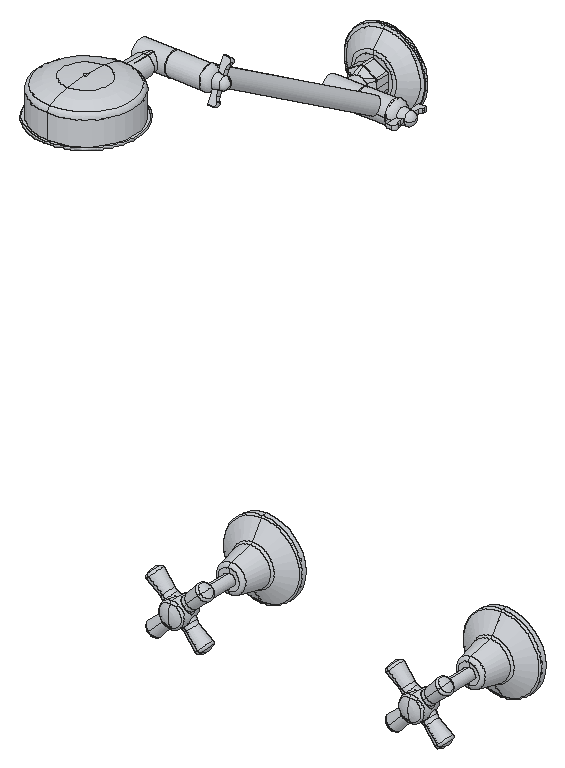
Revit family "Reece_Shower_Base_Shower Set_Anti-Vandal", category Plumbing Fixtures, Revit 2018 (continued)
Definition of nested family "Reece_Shower_Base_Shower Set_Anti-Vandal_Nested"
  Definition of nested family "Reece_Shower_Base_Shower Set_Anti-Vandal_Head_Nested"
    Forms (mm)
      Extrusion 102, solid, material <- "Reece_Material_Secondary", detail levels fine
        sketch origin (5.667, 19.56, 77.553) x (-0.415415, 0, 0.909632) y (-0.909632, 0, -0.415415)
          loop
            circle (-14.835, 27.863) r 1
        from 29.416 to 33.2
      Extrusion 103, solid, material <- "Reece_Material_Secondary", detail levels fine
        sketch origin (6.575, 19.56, 75.793) x (-0.142315, 0, 0.989821) y (-0.989821, 0, -0.142315)
          loop
            circle (-14.835, 27.863) r 1
        from 29.416 to 33.2
      Extrusion 104, solid, material <- "Reece_Material_Secondary", detail levels fine
        sketch origin (6.95, 19.56, 73.848) x (0.142315, 0, 0.989821) y (-0.989821, 0, 0.142315)
          loop
            circle (-14.835, 27.863) r 1
        from 29.416 to 33.2
      Extrusion 105, solid, material <- "Reece_Material_Secondary", detail levels fine
        sketch origin (6.763, 19.56, 71.877) x (0.415415, 0, 0.909632) y (-0.909632, 0, 0.415415)
          loop
            circle (-14.835, 27.863) r 1
        from 29.416 to 32.993
      Extrusion 106, solid, material <- "Reece_Material_Secondary", detail levels fine
        sketch origin (6.027, 19.56, 70.038) x (0.654861, 0, 0.75575) y (-0.75575, 0, 0.654861)
          loop
            circle (-14.835, 27.863) r 1
        from 29.416 to 33.162
      Extrusion 107, solid, material <- "Reece_Material_Secondary", detail levels fine
        sketch origin (4.803, 19.364, 68.48) x (0.841254, 0, 0.540641) y (-0.540641, 0, 0.841254)
          loop
            circle (-14.835, 27.863) r 1
        from 29.416 to 32.993
      Extrusion 108, solid, material <- "Reece_Material_Secondary", detail levels fine
        sketch origin (3.19, 19.364, 67.331) x (0.959493, 0, 0.281733) y (-0.281733, 0, 0.959493)
          loop
            circle (-14.835, 27.863) r 1
        from 29.416 to 32.993
      Extrusion 109, solid, material <- "Reece_Material_Secondary", detail levels fine
        sketch origin (1.319, 19.56, 66.683) x (1, 0, 0) y (0, 0, 1)
          loop
            circle (-14.835, 27.863) r 1
        from 29.416 to 33.2
      Extrusion 110, solid, material <- "Reece_Material_Secondary", detail levels fine
        sketch origin (-0.659, 19.56, 66.588) x (0.959493, 0, -0.281733) y (0.281733, 0, 0.959493)
          loop
            circle (-14.835, 27.863) r 1
        from 29.416 to 33.2
      Extrusion 111, solid, material <- "Reece_Material_Secondary", detail levels fine
        sketch origin (-4.645, 19.56, 78.678) x (-0.587785, 0, -0.809017) y (0.809017, 0, -0.587785)
          loop
            circle (-10.309, -9.388) r 1
        from 29.416 to 33.554
      Extrusion 112, solid, material <- "Reece_Material_Secondary", detail levels fine
        sketch origin (-6.013, 19.56, 76.99) x (-0.309017, 0, -0.951057) y (0.951057, 0, -0.309017)
          loop
            circle (-10.309, -9.388) r 1
        from 29.416 to 33.554
      Extrusion 113, solid, material <- "Reece_Material_Secondary", detail levels fine
        sketch origin (-6.793, 19.56, 74.962) x (0, 0, -1) y (1, 0, 0)
          loop
            circle (-10.309, -9.388) r 1
        from 29.416 to 33.554
      Extrusion 114, solid, material <- "Reece_Material_Secondary", detail levels fine
        sketch origin (-6.907, 19.56, 72.792) x (0.309017, 0, -0.951057) y (0.951057, 0, 0.309017)
          loop
            circle (-10.309, -9.388) r 1
        from 29.416 to 33.554
      Extrusion 115, solid, material <- "Reece_Material_Secondary", detail levels fine
        sketch origin (-6.346, 19.56, 70.693) x (0.587785, 0, -0.809017) y (0.809017, 0, 0.587785)
          loop
            circle (-10.309, -9.388) r 1
        from 29.416 to 33.554
      Extrusion 116, solid, material <- "Reece_Material_Secondary", detail levels fine
        sketch origin (-5.163, 19.56, 68.87) x (0.809017, 0, -0.587785) y (0.587785, 0, 0.809017)
          loop
            circle (-10.309, -9.388) r 1
        from 29.416 to 33.554
      Extrusion 117, solid, material <- "Reece_Material_Secondary", detail levels fine
        sketch origin (-3.475, 19.56, 67.502) x (0.951057, 0, -0.309017) y (0.309017, 0, 0.951057)
          loop
            circle (-10.309, -9.388) r 1
        from 29.416 to 33.554
      Extrusion 118, solid, material <- "Reece_Material_Secondary", detail levels fine
        sketch origin (-1.447, 19.56, 66.722) x (1, 0, 0) y (0, 0, 1)
          loop
            circle (-10.309, -9.388) r 1
        from 29.416 to 33.554
      Extrusion 119, solid, material <- "Reece_Material_Secondary", detail levels fine
        sketch origin (0.723, 19.56, 66.608) x (0.951057, 0, 0.309017) y (-0.309017, 0, 0.951057)
          loop
            circle (-10.309, -9.388) r 1
        from 29.416 to 33.554
      Extrusion 120, solid, material <- "Reece_Material_Secondary", detail levels fine
        sketch origin (6.394, -19.56, 76.016) x (0.62349, 0, -0.781831) y (-0.781831, 0, -0.62349)
          loop
            circle (4.477, 20.073) r 1
        from 4.977 to 9.704
      Extrusion 121, solid, material <- "Reece_Material_Secondary", detail levels fine
        sketch origin (6.846, -19.56, 72.994) x (0.222521, 0, -0.974928) y (-0.974928, 0, -0.222521)
          loop
            circle (4.477, 20.073) r 1
        from 4.977 to 9.704
      Extrusion 122, solid, material <- "Reece_Material_Secondary", detail levels fine
        sketch origin (5.942, -19.56, 70.076) x (-0.222521, 0, -0.974928) y (-0.974928, 0, 0.222521)
          loop
            circle (4.477, 20.073) r 1
        from 4.977 to 9.704
      Extrusion 123, solid, material <- "Reece_Material_Secondary", detail levels fine
        sketch origin (3.861, -19.56, 67.838) x (-0.62349, 0, -0.781831) y (-0.781831, 0, 0.62349)
          loop
            circle (4.477, 20.073) r 1
        from 4.977 to 9.704
      Extrusion 124, solid, material <- "Reece_Material_Secondary", detail levels fine
        sketch origin (1.016, -19.56, 66.725) x (-0.900969, 0, -0.433884) y (-0.433884, 0, 0.900969)
          loop
            circle (4.477, 20.073) r 1
        from 4.977 to 9.704
      Extrusion 125, solid, material <- "Reece_Material_Secondary", detail levels fine
        sketch origin (-1.016, 19.56, 66.725) x (0.900969, 0, -0.433884) y (0.433884, 0, 0.900969)
          loop
            circle (-13.759, 15.911) r 1
        from 29.416 to 34.142
      Extrusion 126, solid, material <- "Reece_Material_Secondary", detail levels fine
        sketch origin (1.655, 19.56, 67.179) x (0.707107, 0, 0.707107) y (-0.707107, 0, 0.707107)
          loop
            circle (10.381, 12.722) r 1
        from 29.416 to 34.142
      Extrusion 127, solid, material <- "Reece_Material_Secondary", detail levels fine
        sketch origin (1.655, 19.56, 67.179) x (0.707107, 0, 0.707107) y (-0.707107, 0, 0.707107)
          loop
            circle (-3.761, -1.42) r 1
        from 29.416 to 34.142
      Extrusion 128, solid, material <- "Reece_Material_Secondary", detail levels fine
        sketch origin (1.655, 19.56, 67.179) x (0.707107, 0, 0.707107) y (-0.707107, 0, 0.707107)
          loop
            circle (13.31, 5.651) r 1
        from 29.416 to 34.142
      Extrusion 129, solid, material <- "Reece_Material_Secondary", detail levels fine
        sketch origin (1.655, 19.56, 67.179) x (0.707107, 0, 0.707107) y (-0.707107, 0, 0.707107)
          loop
            circle (10.381, -1.42) r 1
        from 29.416 to 34.142
      Extrusion 130, solid, material <- "Reece_Material_Secondary", detail levels fine
        sketch origin (-1.655, -19.56, 67.179) x (-0.707107, 0, 0.707107) y (0.707107, 0, 0.707107)
          loop
            circle (-6.69, 5.651) r 1
        from 4.681 to 9.704
      Extrusion 131, solid, material <- "Reece_Material_Secondary", detail levels fine
        sketch origin (-6.336, 19.56, 71.86) x (0.707107, 0, -0.707107) y (0.707107, 0, 0.707107)
          loop
            circle (-6.69, 5.651) r 1
        from 29.416 to 34.142
      Extrusion 132, solid, material <- "Reece_Material_Secondary", detail levels fine
        sketch origin (-3.31, 19.56, 67.864) x (1, 0, 0) y (0, 0, 1)
          loop
            circle (-6.69, 5.651) r 1
        from 29.416 to 34.142
      Extrusion 133, solid, material <- "Reece_Material_Secondary", detail levels fine
        sketch origin (1.655, 19.56, 67.179) x (0.707107, 0, 0.707107) y (-0.707107, 0, 0.707107)
          loop
            circle (-6.69, 5.651) r 1
        from 29.416 to 34.142
      Extrusion 134, solid, material <- "Reece_Material_Secondary", detail levels fine
        sketch origin (2.027, 19.56, 67.664) x (0.5, 0, 0.866025) y (-0.866025, 0, 0.5)
          loop
            circle (8.384, 7.181) r 1
        from 29.416 to 34.438
      Extrusion 135, solid, material <- "Reece_Material_Secondary", detail levels fine
        sketch origin (2.027, 19.56, 67.664) x (0.5, 0, 0.866025) y (-0.866025, 0, 0.5)
          loop
            circle (-0.276, 2.181) r 1
        from 29.416 to 34.438
      Extrusion 136, solid, material <- "Reece_Material_Secondary", detail levels fine
        sketch origin (2.027, 19.56, 67.664) x (0.5, 0, 0.866025) y (-0.866025, 0, 0.5)
          loop
            circle (8.384, 2.181) r 1
        from 29.416 to 34.438
      Extrusion 137, solid, material <- "Reece_Material_Secondary", detail levels fine
        sketch origin (-2.027, -19.56, 67.664) x (-0.5, 0, 0.866025) y (0.866025, 0, 0.5)
          loop
            circle (-0.276, 7.181) r 1
        from 4.681 to 9.704
      Extrusion 138, solid, material <- "Reece_Material_Secondary", detail levels fine
        sketch origin (-4.054, 19.56, 68.834) x (1, 0, 0) y (0, 0, 1)
          loop
            circle (-0.276, 7.181) r 1
        from 29.416 to 34.438
      Extrusion 139, solid, material <- "Reece_Material_Secondary", detail levels fine
        sketch origin (2.027, 19.56, 67.664) x (0.5, 0, 0.866025) y (-0.866025, 0, 0.5)
          loop
            circle (-0.276, 7.181) r 1
        from 29.416 to 34.438
    Cuts and joins
      joined: Revolve 2, Revolve 3
    Text (mm)
      text "Reece Copyright © 2018, Reece Ltd." at (-241.433, -123.169, 0), in view "Ref. Level"
      text "Reece ©" at (240.484, -43.469, 314.685), in view "Reece_Preview"
    Dimensions and locks
      plane 8 to plane 9 = 86 mm
      aligned and locked: plane 2 to Extrusion 1
      aligned and locked: level to Extrusion 1
Definition of nested family "Reece_Tap_Base_Wall Top Assembly_Anti Vandal_Nested"
  Parameters (values of type "Reece_Tap_Base_Wall Top Assembly_Nested")
    Waste Connection = no
    WFU = 0
    Vent Connection = no
    URL = ""
    Type Comments = ""
    Reece_Material_Main [instance] = none
    Model = ""
    Manufacturer = ""
    Keynote = ""
    HWFU = 0
    HW Connection = no
    Description = ""
    Default Elevation = 0 mm
    Cost = 0
    CWFU = 0
    CW Connection = no
    Assembly Code = ""
  Reference planes
    plane 1 "Center (Front/Back)": y = 0
    plane 2 "Bottom": z = 0
    plane 3 "Center (Left/Right)": x = 0
    plane 4: y = -32.5
    plane 5: y = 32.5
    plane 6: z = 96
  Forms (mm)
    Extrusion 1, solid
      sketch origin (619.2, -619.2, 0) x (1, 0, 0) y (0, 1, 0)
        loop
          line (-809.2, 779.2) -> (-809.2, 461.779) -> (-428.415, 461.779) -> (-428.415, 779.2) -> (-809.2, 779.2)
      from 0 to -9.564
    Revolve 2, solid, material <- "Reece_Material_Main"
      sketch origin (0, 0, 0) x (0, 1, 0) y (0, 0, 1)
        loop
          line (0, 12.525) -> (0, 0) -> (32.5, 0) -> (32.5, 3.576)
          arc (32.5, 3.576) -> (32.259, 4.527) -> (31.595, 5.25) r 2
          line (31.595, 5.25) -> (17.534, 14.445)
          arc (17.534, 14.445) -> (16.562, 15.396) -> (16.027, 16.646) r 3.5
          line (16.027, 16.646) -> (11.759, 36.725)
          arc (11.759, 36.725) -> (10.712, 38.433) -> (8.824, 39.102) r 3
          line (8.824, 39.102) -> (5.233, 39.102) -> (5.233, 12.525) -> (0, 12.525)
        loop
          line (4.808, 80.82) -> (8.244, 80.82)
          arc (8.244, 80.82) -> (10.641, 89.691) -> (10.364, 98.876) r 31.372
          arc (10.364, 98.876) -> (9.982, 99.74) -> (9.246, 100.333) r 2
          arc (9.246, 100.333) -> (4.737, 101.911) -> (0, 102.531) r 23.21
          line (0, 102.531) -> (0, 15.703) -> (4.808, 15.703) -> (4.808, 80.82)
        axis (0, 102.531) -> (0, 0)
      angle from 0 to 360
    Extrusion 3, void
      sketch origin (0, 0, 0) x (1, 0, 0) y (0, 1, 0)
        loop
          circle (0, 0) r 11.509
      from -24.315 to 0
    Revolve 4, solid, material <- "Reece_Material_Main"
      sketch origin (0, 0, -1.613) x (-0.707107, 0.707107, 0) y (0, 0, 1)
        loop
          arc (14.45, 97.583) -> (12.706, 97.583) -> (10.99, 97.886) r 10
          line (10.99, 97.886) -> (0, 100.831) -> (-10.99, 97.886)
          arc (-10.99, 97.886) -> (-12.706, 97.583) -> (-14.45, 97.583) r 10
          line (-14.45, 97.583) -> (-28.959, 98.853)
          arc (-28.959, 98.853) -> (-30.123, 98.598) -> (-30.936, 97.726) r 2
          arc (-30.936, 97.726) -> (-31.923, 94.954) -> (-32.307, 92.036) r 13.954
          line (-32.307, 92.036) -> (0, 92.036) -> (32.307, 92.036)
          arc (32.307, 92.036) -> (31.923, 94.954) -> (30.936, 97.726) r 13.954
          arc (30.936, 97.726) -> (30.123, 98.598) -> (28.959, 98.853) r 2
          line (28.959, 98.853) -> (14.45, 97.583)
        axis (32.307, 92.036) -> (-32.307, 92.036)
      angle from 0 to 360
    Revolve 5, solid, material <- "Reece_Material_Main"
      sketch origin (0, 0, -1.613) x (0.707107, 0.707107, 0) y (0, 0, 1)
        loop
          arc (14.45, 97.583) -> (12.706, 97.583) -> (10.99, 97.886) r 10
          line (10.99, 97.886) -> (0, 100.831) -> (-10.99, 97.886)
          arc (-10.99, 97.886) -> (-12.706, 97.583) -> (-14.45, 97.583) r 10
          line (-14.45, 97.583) -> (-28.959, 98.853)
          arc (-28.959, 98.853) -> (-30.123, 98.598) -> (-30.936, 97.726) r 2
          arc (-30.936, 97.726) -> (-31.923, 94.954) -> (-32.307, 92.036) r 13.954
          line (-32.307, 92.036) -> (0, 92.036) -> (32.307, 92.036)
          arc (32.307, 92.036) -> (31.923, 94.954) -> (30.936, 97.726) r 13.954
          arc (30.936, 97.726) -> (30.123, 98.598) -> (28.959, 98.853) r 2
          line (28.959, 98.853) -> (14.45, 97.583)
        axis (32.307, 92.036) -> (-32.307, 92.036)
      angle from 0 to 360
    Extrusion 6, void
      sketch origin (0, 0, 0) x (1, 0, 0) y (0, 1, 0)
        loop
          circle (0, 0) r 11.509
      from -4.142 to 7.553
  Cuts and joins
    Extrusion 6 cuts Revolve 2
  Text (mm)
    text "Reece Copyright © 2018, Reece Ltd." at (-1403.988, -1192.393, 0), in view "Ref. Level"
    text "Reece ©" at (44.384, 258.95, 192.345), in view "Reece Preview"
  Dimensions and locks
    aligned and locked: plane 2 "Bottom" to Extrusion 1
    aligned and locked: level to Extrusion 1
Types (2, lengths in mm): name | Keynote
  (no name) | "Product #9505432, Reece_Shower_Base_Shower Set_Anti-Vandal -  "
  Chrome | "Product #9505432, Reece_Shower_Base_Shower Set_Anti-Vandal - Chrome"
